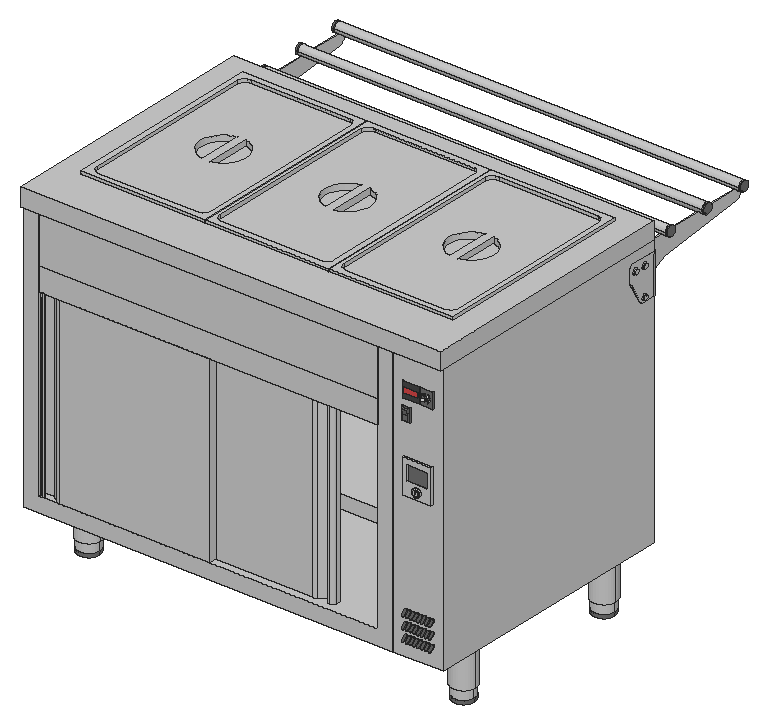
Revit family "QF_INOMAK_MDV711_250604105743", category Specialty Equipment, Revit 2021
Family settings
  Round Connector Dimension = Use Diameter
  Part Type = Normal
  OmniClass Number = 23.40.40.14
  OmniClass Title = Food Service Equipment
  Work Plane-Based = No
  Always vertical = Yes
  Cut with Voids When Loaded = No
  Shared = No
  Room Calculation Point = No
Parameters (values of type "MDV711")
  Weight [instance] = 49.00 kg
  Waste Water Discharge Temperature [instance] = 0 °C
  Waste Remarks [instance] = ""
  Warranty Start Date [instance] = ""
  Warranty Duration [instance] = ""
  Volts [instance] = 230 V
  Volt Free Conn [instance] = no
  URL Recommended Spares List [instance] = ""
  URL Manufacturer [instance] = ""
  URL Cutsheet [instance] = ""
  URL Critical Spares List [instance] = ""
  URL = "www.inomak.com"
  Technical Documentation [instance] = ""
  Tag Number [instance] = ""
  Status [instance] = ""
  Start Up Current [instance] = 0 A
  Specification by User [instance] = ""
  Specification by Manufacturer [instance] = ""
  Sound Level [instance] = ""
  Show Logo [instance] = yes
  Show Clearances [instance] = yes
  Service Life Duration [instance] = ""
  Serial Number [instance] = ""
  Seismic Rating [instance] = ""
  SMACNA No [instance] = ""
  Revision Code [instance] = ""
  Revision [instance] = ""
  Production Year [instance] = ""
  Potential Equalisation [instance] = no
  Point Load [instance] = 0
  Plumbing Remarks [instance] = ""
  Plumbing Connection Type [instance] = ""
  Phase [instance] = 1
  Other Equipment Approvals [instance] = ""
  Operational Current [instance] = 0 A
  Odor Trap Included [instance] = no
  Number of Poles [instance] = 2
  No Load Power Draw [instance] = no
  National Water Regulation Certification [instance] = no
  NAFEM Spec ID Number [instance] = ""
  Model Warning [instance] = ""
  Model = "MDV711"
  Min Ckt Ampacity [instance] = 0 A
  Max Overcurrent Protection [instance] = 10 A
  Masterspec [instance] = ""
  Manufacturer = "INOMAK"
  Main switch integrated [instance] = no
  Length Actual [instance] = 1102 mm
  Item Number [instance] = ""
  Installed By [instance] = ""
  Installation Date [instance] = ""
  Indirect Waste Size [instance] = 25.4 mm
  Indirect Waste Remarks [instance] = ""
  Indirect Waste Flow [instance] = 0.0 L/s
  Indirect Waste Connection Type [instance] = ""
  Indirect Waste Connection Height [instance] = 0 mm
  Identify Quantity as Lot [instance] = no
  ID [instance] = ""
  Hygiene Approval [instance] = ""
  Height Actual [instance] = 900 mm
  HP power [instance] = ""
  Furnished By [instance] = ""
  Foodservice Equipment Identifier [instance] = no
  FL Amps [instance] = 8.7 A
  Electrical Remarks [instance] = ""
  Electric power [instance] = 2000 W
  Electric Connection Type [instance] = ""
  Elec Conn RI Height [instance] = 0 mm
  Elec Conn Connection Height [instance] = 0 mm
  ETL Approved [instance] = no
  Direct Waste Water Discharge Temperature [instance] = -273.15 °C
  Direct Waste Size [instance] = 25.4 mm
  Direct Waste RI Height [instance] = 0 mm
  Direct Waste Flow [instance] = 0.0 L/s
  Direct Waste Connection Height [instance] = 0 mm
  Description = "BAIN MARIE ON CUPBOARD WITH 2 GN PANS CAPACITY"
  Depth Actual [instance] = 700 mm
  Default Elevation = 0 mm
  Cycle [instance] = 50 Hz
  Cost = 0
  Connection to energy optimisation system [instance] = yes
  Conn Plug [instance] = ""
  Conn Conduit [instance] = no
  Cold Water Temperature Recommended [instance] = 0 °C
  Cold Water Size [instance] = 12.7 mm
  Cold Water Remarks [instance] = ""
  Cold Water RI Height [instance] = 0 mm
  Cold Water Quality [instance] = ""
  Cold Water Minimum Pressure [instance] = 200000.0 Pa
  Cold Water Maximum Pressure [instance] = 600000.0 Pa
  Cold Water Flow [instance] = 0.0 L/s
  Cold Water Connection Type [instance] = ""
  Cold Water Connection Height [instance] = 0 mm
  Centralized building control system with digital interface [instance] = ""
  CSI MasterFormat [instance] = ""
  CE Approved [instance] = no
  Barcode [instance] = 0
  Author [instance] = ""
  Asset Identifier [instance] = ""
  Apparent Power [instance] = 2000 VA
  Accessory [instance] = no
Reference planes
  plane 1 "Center (Front/Back)": y = 0
  plane 2: z = 0
  plane 3 "Center (Left/Right)": x = 0
Forms (mm)
  Extrusion 1, solid, not visible
    sketch origin (110.005, -510.025, 146.007) x (1, 0, 0) y (0, 1, 0)
      loop
        line (-2, 2) -> (-2, -2) -> (2, -2) -> (2, 2) -> (-2, 2)
    from -2 to 2
  Extrusion 2, solid, not visible
    sketch origin (110.005, -510.025, 146.007) x (1, 0, 0) y (0, 1, 0)
      loop
        line (-2, 2) -> (-2, -2) -> (2, -2) -> (2, 2) -> (-2, 2)
    from -2 to 2
  Extrusion 3, solid, not visible
    sketch origin (1055.051, -635.031, 146.007) x (1, 0, 0) y (0, 1, 0)
      loop
        line (-2, 2) -> (-2, -2) -> (2, -2) -> (2, 2) -> (-2, 2)
    from -2 to 2
Dimensions and locks
  locked: nested 2 to Extrusion 1 at 2  (x2)
  locked: nested 3 to Extrusion 2 at 2  (x2)
  locked: nested 4 to Extrusion 3 at 2  (x2)
  aligned and locked: level to plane 2
Nested families
  nested 1: "QF_INOMAK_CUPBOARD_BAIN_MARIES_1105_2920" at (0, 0, 144), type "MDV711"
    with Weight 49.00 kg, Warranty Start Date "", Warranty Duration "", URL Cutsheet "", Technical Documentation "", Tag Number "", Status "", Specification by User "", Specification by Manufacturer "", Sound Level "", Solid Fuel Type "", Show Logo yes, Show Clearances yes, Service Life Duration "", Serial Number "", Seismic Rating "", SMACNA No "", Revision Code "", Revision "", Production Year "", Point Load 0, Other Equipment Approvals "", NAFEM Spec ID Number "", Model Warning "", Masterspec "", Length Actual 1102 mm, Item Number "", Installed By "", Installation Date "", Identify Quantity as Lot yes, ID "", Hygiene Approval "", Height Actual 900 mm, Furnished By "", Foodservice Equipment Identifier yes, ETL Approved yes, Depth Actual 700 mm, CSI MasterFormat "", CE Approved yes, Barcode "", Author "", Asset Identifier "", Accessory no
  nested 2: "CONN_POINT_COLDWATER_2D___Generic_Annotation" at (110.005, -510.025, 144.007), type "CONN_POINT_COLDWATER_2D___Generic_Annotation"
    with Onboard connection annotation symbol visibility yes
  nested 3: "CONN_POINT_DRAIN_2D___Generic_Annotation" at (110.005, -510.025, 144.007), type "CONN_POINT_DRAIN_2D___Generic_Annotation"
    with Onboard connection annotation symbol visibility yes
  nested 4: "CONN_POINT_ELE_2D___Generic_Annotation" at (1055.051, -635.031, 144.007), type "CONN_POINT_ELE_2D___Generic_Annotation"
    with Onboard connection annotation symbol visibility yes
  nested 5: "QF_INOMAK_LEGS_4995" at (0, 0, 0), type "LG-1105-700"
    with Weight 0.00 kg, Warranty Start Date "", Warranty Duration "", URL Cutsheet "", Technical Documentation "", Tag Number "", Status "", Specification by User "", Specification by Manufacturer "", Sound Level "", Solid Fuel Type "", Show Logo yes, Show Clearances yes, Service Life Duration "", Serial Number "", Seismic Rating "", SMACNA No "", Revision Code "", Revision "", Production Year "", Point Load 0, Other Equipment Approvals "", NAFEM Spec ID Number "", Model Warning "", Masterspec "", Length Actual 1103 mm, Item Number "", Installed By "", Installation Date "", Identify Quantity as Lot yes, ID "", Hygiene Approval "", Height Actual 144 mm, Furnished By "", Foodservice Equipment Identifier yes, ETL Approved yes, Depth Actual 700 mm, CSI MasterFormat "", CE Approved yes, Barcode "", Author "", Asset Identifier "", Accessory yes
  nested 6: "QF_INOMAK_CUPBOARD_RAILS_6744" at (0, 0, 144), type "RAS110"
    with Weight 0.00 kg, Warranty Start Date "", Warranty Duration "", URL Cutsheet "", Technical Documentation "", Tag Number "", Status "", Specification by User "", Specification by Manufacturer "", Sound Level "", Solid Fuel Type "", Show Logo yes, Show Clearances yes, Service Life Duration "", Serial Number "", Seismic Rating "", SMACNA No "", Revision Code "", Revision "", Production Year "", Point Load 0, Other Equipment Approvals "", NAFEM Spec ID Number "", Model Warning "", Masterspec "", Length Actual 1072 mm, Length 1102 mm, Item Number "", Installed By "", Installation Date "", Identify Quantity as Lot yes, ID "", Hygiene Approval "", Height Actual 175 mm, Furnished By "", Foodservice Equipment Identifier yes, ETL Approved yes, Depth Actual 335 mm, CSI MasterFormat "", CE Approved yes, Barcode "", Author "", Asset Identifier "", Accessory yes
Connectors
  piping at (110.005, -510.025, 144.007), diameter 12.7, driven by "Cold Water Size", driven by "Cold Water Flow"
    settings: on Extrusion 1, index 1, connector inside diameter 609.6 mm, connector length 0 mm, flow factor 0, pipe flow 0.0 L/s, pressure drop 0.0 Pa, fitting loss kfactor 0, connector angle 0.00°, fixture units 0, engagement length 0 mm, angle of deflection 0.00°, flow configuration 1, flow direction 1, fitting loss method 0, system type 20, joint type 0, gender type 0, connector reference index -1, connector utility 0, adjustable connector no, is connector primary yes, connector description "Cold Water connection for MDV711"
  piping at (110.005, -510.025, 144.007), diameter 25.4, driven by "Indirect Waste Size", driven by "Direct Waste Flow"
    settings: on Extrusion 2, index 2, connector inside diameter 609.6 mm, connector length 0 mm, flow factor 0, pipe flow 0.0 L/s, pressure drop 0.0 Pa, fitting loss kfactor 0, connector angle 0.00°, fixture units 0, engagement length 0 mm, angle of deflection 0.00°, flow configuration 1, flow direction 2, fitting loss method 0, system type 16, joint type 0, gender type 0, connector reference index -1, connector utility 0, adjustable connector no, is connector primary no, connector description "Waste connection for MDV711"
  electrical at (1055.051, -635.031, 144.007), driven by "Apparent Power", driven by "Number of Poles", driven by "Volts"
    settings: on Extrusion 3, index 3, voltage 230 V, apparent load 0 VA, apparent load phase1 2000 VA, apparent load phase2 0 VA, apparent load phase3 0 VA, power factor 1, load classification "Other", number of poles 2, system type 31, power factor state 1, is connector primary yes, connector utility no, sub classification motor no, connector description "Electrical connection for MDV711"
Definition of nested family "QF_INOMAK_CUPBOARD_BAIN_MARIES_1105_2920"
  Parameters (values of type "MFV711")
    Weight [instance] = 0.00 kg
    Warranty Start Date [instance] = ""
    Warranty Duration [instance] = ""
    URL Cutsheet [instance] = ""
    URL = "www.inomak.com"
    Technical Documentation [instance] = ""
    Tag Number [instance] = ""
    Status [instance] = ""
    Specification by User [instance] = ""
    Specification by Manufacturer [instance] = ""
    Sound Level [instance] = ""
    Solid Fuel Type [instance] = ""
    Show Logo [instance] = yes
    Show Clearances [instance] = yes
    Service Life Duration [instance] = ""
    Serial Number [instance] = ""
    Seismic Rating [instance] = ""
    SMACNA No [instance] = ""
    Revision Code [instance] = ""
    Revision [instance] = ""
    Production Year [instance] = ""
    Point Load [instance] = 0
    Other Equipment Approvals [instance] = ""
    NAFEM Spec ID Number [instance] = ""
    Model Warning [instance] = ""
    Model = "MFV711"
    Masterspec [instance] = ""
    Manufacturer = "INOMAK"
    Length Actual [instance] = 0 mm
    Item Number [instance] = ""
    Installed By [instance] = ""
    Installation Date [instance] = ""
    Identify Quantity as Lot [instance] = yes
    ID [instance] = ""
    Hygiene Approval [instance] = ""
    Height Actual [instance] = 0 mm
    Furnished By [instance] = ""
    Foodservice Equipment Identifier [instance] = yes
    ETL Approved [instance] = yes
    Description = "BAIN MARIE ON CUPBOARD WITH 2 GN PANS CAPACITY AND SHOWCASE"
    Depth Actual [instance] = 0 mm
    Default Elevation = 0 mm
    CSI MasterFormat [instance] = ""
    CE Approved [instance] = yes
    Barcode [instance] = ""
    Author [instance] = ""
    Asset Identifier [instance] = ""
    Assembly Code = "E1090320"
    Accessory [instance] = yes
  Types (10, lengths in mm): name | Model | Description
    MFV711 | "MFV711" | "BAIN MARIE ON CUPBOARD WITH 2 GN PANS CAPACITY AND SHOWCASE"
    MVV711 | "MVV711" | "BAIN MARIE ON CUPBOARD WITH 2 GN PANS CAPACITY AND SINGLE SNEEZE GUARD"
    MFSQ711 | "MFSQ711" | "BAIN MARIE ON CUPBOARD WITH 2 GN PANS CAPACITY AND SQUARE SHOWCASE"
    MHV711 | "MHV711" | "BAIN MARIE ON HEATED CUPBOARD WITH 2 GN PANS CAPACITY"
    MDV711 | "MDV711" | "BAIN MARIE ON CUPBOARD WITH 2 GN PANS CAPACITY"
    MRV711 | "MRV711" | "BAIN MARIE ON CUPBOARD WITH 2 GN PANS CAPACITY AND DOUBLE SNEEZE GUARD"
    MIV711 | "MIV711" | "BAIN MARIE ON HEATED CUPBOARD WITH 2 GN PANS CAPACITY AND SHOWCASE"
    MJV711 | "MJV711" | "BAIN MARIE ON HEATED CUPBOARD WITH 2 GN PANS CAPACITY AND SINGLE SNEEZE GUARD"
    MQV711 | "MQV711" | "BAIN MARIE ON HEATED CUPBOARD WITH 2 GN PANS CAPACITY AND DOUBLE SNEEZE GUARD"
    MISQ711 | "MISQ711" | "BAIN MARIE ON HEATED CUPBOARD WITH 2 GN PANS CAPACITY AND SQUARE SHOWCASE"
  Reference planes
    plane 1 "Back": y = 0
    plane 2: z = 0
    plane 3 "Left": x = 0
    plane 4 "Right": x = 1102
    plane 5 "Front": y = -700
    plane 6 "Top": z = 756
  Forms (mm)
    Extrusion 1, solid
      sketch origin (479.783, -707, -123.631) x (-1, 0, 0) y (0, 0, 1)
        loop
          arc (-522.253, 235.165) -> (-526.351, 236.263) -> (-527.449, 232.165) r 3
          line (-527.449, 232.165) -> (-518.449, 216.577)
          arc (-518.449, 216.577) -> (-514.351, 215.479) -> (-513.253, 219.577) r 3
          line (-513.253, 219.577) -> (-522.253, 235.165)
        loop
          arc (-532.253, 235.165) -> (-536.351, 236.263) -> (-537.449, 232.165) r 3
          line (-537.449, 232.165) -> (-528.449, 216.577)
          arc (-528.449, 216.577) -> (-524.351, 215.479) -> (-523.253, 219.577) r 3
          line (-523.253, 219.577) -> (-532.253, 235.165)
        loop
          arc (-542.253, 235.165) -> (-546.351, 236.263) -> (-547.449, 232.165) r 3
          line (-547.449, 232.165) -> (-538.449, 216.577)
          arc (-538.449, 216.577) -> (-534.351, 215.479) -> (-533.253, 219.577) r 3
          line (-533.253, 219.577) -> (-542.253, 235.165)
        loop
          arc (-552.253, 235.165) -> (-556.351, 236.263) -> (-557.449, 232.165) r 3
          line (-557.449, 232.165) -> (-548.449, 216.577)
          arc (-548.449, 216.577) -> (-544.351, 215.479) -> (-543.253, 219.577) r 3
          line (-543.253, 219.577) -> (-552.253, 235.165)
        loop
          arc (-562.253, 235.165) -> (-566.351, 236.263) -> (-567.449, 232.165) r 3
          line (-567.449, 232.165) -> (-558.449, 216.577)
          arc (-558.449, 216.577) -> (-554.351, 215.479) -> (-553.253, 219.577) r 3
          line (-553.253, 219.577) -> (-562.253, 235.165)
        loop
          arc (-572.253, 235.165) -> (-576.351, 236.263) -> (-577.449, 232.165) r 3
          line (-577.449, 232.165) -> (-568.449, 216.577)
          arc (-568.449, 216.577) -> (-564.351, 215.479) -> (-563.253, 219.577) r 3
          line (-563.253, 219.577) -> (-572.253, 235.165)
        loop
          arc (-582.253, 235.165) -> (-586.351, 236.263) -> (-587.449, 232.165) r 3
          line (-587.449, 232.165) -> (-578.449, 216.577)
          arc (-578.449, 216.577) -> (-574.351, 215.479) -> (-573.253, 219.577) r 3
          line (-573.253, 219.577) -> (-582.253, 235.165)
        loop
          arc (-592.253, 235.165) -> (-596.351, 236.263) -> (-597.449, 232.165) r 3
          line (-597.449, 232.165) -> (-588.449, 216.577)
          arc (-588.449, 216.577) -> (-584.351, 215.479) -> (-583.253, 219.577) r 3
          line (-583.253, 219.577) -> (-592.253, 235.165)
        loop
          arc (-522.253, 205.165) -> (-526.351, 206.263) -> (-527.449, 202.165) r 3
          line (-527.449, 202.165) -> (-518.449, 186.577)
          arc (-518.449, 186.577) -> (-514.351, 185.479) -> (-513.253, 189.577) r 3
          line (-513.253, 189.577) -> (-522.253, 205.165)
        loop
          arc (-532.253, 205.165) -> (-536.351, 206.263) -> (-537.449, 202.165) r 3
          line (-537.449, 202.165) -> (-528.449, 186.577)
          arc (-528.449, 186.577) -> (-524.351, 185.479) -> (-523.253, 189.577) r 3
          line (-523.253, 189.577) -> (-532.253, 205.165)
        loop
          arc (-542.253, 205.165) -> (-546.351, 206.263) -> (-547.449, 202.165) r 3
          line (-547.449, 202.165) -> (-538.449, 186.577)
          arc (-538.449, 186.577) -> (-534.351, 185.479) -> (-533.253, 189.577) r 3
          line (-533.253, 189.577) -> (-542.253, 205.165)
        loop
          arc (-552.253, 205.165) -> (-556.351, 206.263) -> (-557.449, 202.165) r 3
          line (-557.449, 202.165) -> (-548.449, 186.577)
          arc (-548.449, 186.577) -> (-544.351, 185.479) -> (-543.253, 189.577) r 3
          line (-543.253, 189.577) -> (-552.253, 205.165)
        loop
          arc (-562.253, 205.165) -> (-566.351, 206.263) -> (-567.449, 202.165) r 3
          line (-567.449, 202.165) -> (-558.449, 186.577)
          arc (-558.449, 186.577) -> (-554.351, 185.479) -> (-553.253, 189.577) r 3
          line (-553.253, 189.577) -> (-562.253, 205.165)
        loop
          arc (-572.253, 205.165) -> (-576.351, 206.263) -> (-577.449, 202.165) r 3
          line (-577.449, 202.165) -> (-568.449, 186.577)
          arc (-568.449, 186.577) -> (-564.351, 185.479) -> (-563.253, 189.577) r 3
          line (-563.253, 189.577) -> (-572.253, 205.165)
        loop
          arc (-582.253, 205.165) -> (-586.351, 206.263) -> (-587.449, 202.165) r 3
          line (-587.449, 202.165) -> (-578.449, 186.577)
          arc (-578.449, 186.577) -> (-574.351, 185.479) -> (-573.253, 189.577) r 3
          line (-573.253, 189.577) -> (-582.253, 205.165)
        loop
          arc (-592.253, 205.165) -> (-596.351, 206.263) -> (-597.449, 202.165) r 3
          line (-597.449, 202.165) -> (-588.449, 186.577)
          arc (-588.449, 186.577) -> (-584.351, 185.479) -> (-583.253, 189.577) r 3
          line (-583.253, 189.577) -> (-592.253, 205.165)
        loop
          arc (-522.253, 175.165) -> (-526.351, 176.263) -> (-527.449, 172.165) r 3
          line (-527.449, 172.165) -> (-518.449, 156.577)
          arc (-518.449, 156.577) -> (-514.351, 155.479) -> (-513.253, 159.577) r 3
          line (-513.253, 159.577) -> (-522.253, 175.165)
        loop
          arc (-532.253, 175.165) -> (-536.351, 176.263) -> (-537.449, 172.165) r 3
          line (-537.449, 172.165) -> (-528.449, 156.577)
          arc (-528.449, 156.577) -> (-524.351, 155.479) -> (-523.253, 159.577) r 3
          line (-523.253, 159.577) -> (-532.253, 175.165)
        loop
          arc (-542.253, 175.165) -> (-546.351, 176.263) -> (-547.449, 172.165) r 3
          line (-547.449, 172.165) -> (-538.449, 156.577)
          arc (-538.449, 156.577) -> (-534.351, 155.479) -> (-533.253, 159.577) r 3
          line (-533.253, 159.577) -> (-542.253, 175.165)
        loop
          arc (-552.253, 175.165) -> (-556.351, 176.263) -> (-557.449, 172.165) r 3
          line (-557.449, 172.165) -> (-548.449, 156.577)
          arc (-548.449, 156.577) -> (-544.351, 155.479) -> (-543.253, 159.577) r 3
          line (-543.253, 159.577) -> (-552.253, 175.165)
        loop
          arc (-562.253, 175.165) -> (-566.351, 176.263) -> (-567.449, 172.165) r 3
          line (-567.449, 172.165) -> (-558.449, 156.577)
          arc (-558.449, 156.577) -> (-554.351, 155.479) -> (-553.253, 159.577) r 3
          line (-553.253, 159.577) -> (-562.253, 175.165)
        loop
          arc (-572.253, 175.165) -> (-576.351, 176.263) -> (-577.449, 172.165) r 3
          line (-577.449, 172.165) -> (-568.449, 156.577)
          arc (-568.449, 156.577) -> (-564.351, 155.479) -> (-563.253, 159.577) r 3
          line (-563.253, 159.577) -> (-572.253, 175.165)
        loop
          arc (-582.253, 175.165) -> (-586.351, 176.263) -> (-587.449, 172.165) r 3
          line (-587.449, 172.165) -> (-578.449, 156.577)
          arc (-578.449, 156.577) -> (-574.351, 155.479) -> (-573.253, 159.577) r 3
          line (-573.253, 159.577) -> (-582.253, 175.165)
        loop
          arc (-592.253, 175.165) -> (-596.351, 176.263) -> (-597.449, 172.165) r 3
          line (-597.449, 172.165) -> (-588.449, 156.577)
          arc (-588.449, 156.577) -> (-584.351, 155.479) -> (-583.253, 159.577) r 3
          line (-583.253, 159.577) -> (-592.253, 175.165)
      from 16.5 to 18.5
    Extrusion 2, solid
      sketch origin (787.766, -692, 538.514) x (-1, 0, 0) y (0, 0, 1)
        loop
          line (-208.234, 108.408) -> (-253.234, 108.408) -> (-253.234, 68.408) -> (-208.234, 68.408) -> (-208.234, 108.408)
      from 0 to 2
    Extrusion 3, solid
      sketch origin (66, -693, 539.422) x (-1, 0, 0) y (0, 0, 1)
        loop
          line (-950, 15) -> (-930, 15) -> (-930, 50) -> (-950, 50) -> (-950, 15)
      from 0 to 3
    Extrusion 4, solid
      sketch origin (94, -568, 539.422) x (0, 1, 0) y (0, 0, 1)
        loop
          line (-125, 18) -> (-125, 47)
          arc (-125, 47) -> (-127.961, 46.812) -> (-130.754, 45.81) r 10.576
          line (-130.754, 45.81) -> (-128, 32.5) -> (-128, 18) -> (-125, 18)
      from 905 to 919
    Extrusion 5, solid
      sketch origin (832.766, -692, 538.514) x (-1, 0, 0) y (0, 0, 1)
        loop
          line (-208.234, 108.408) -> (-243.234, 108.408) -> (-243.234, 68.408) -> (-208.234, 68.408) -> (-208.234, 108.408)
      from 0 to 2
    Extrusion 6, solid
      sketch origin (787.766, -692.5, 538.514) x (-1, 0, 0) y (0, 0, 1)
        loop
          line (-213.234, 94.908) -> (-248.234, 94.908) -> (-248.234, 81.908) -> (-213.234, 81.908) -> (-213.234, 94.908)
      from 0 to 2.5
    Extrusion 7, solid
      sketch origin (787.766, -692.5, 538.514) x (-1, 0, 0) y (0, 0, 1)
        loop
          line (-271.558, 91.171) -> (-275.802, 98.522) -> (-280.047, 91.171) -> (-271.558, 91.171)
        loop
          line (-271.558, 85.645) -> (-280.047, 85.645) -> (-275.802, 78.294) -> (-271.558, 85.645)
        loop
          line (-257.397, 85.645) -> (-267.397, 85.645) -> (-267.397, 78.294) -> (-257.397, 78.294) -> (-257.397, 85.645)
        loop
          line (-265.397, 98.522) -> (-267.397, 98.522) -> (-267.397, 92.322) -> (-259.549, 92.322) -> (-259.549, 91.171) -> (-257.397, 93.322) -> (-259.549, 95.474) -> (-259.549, 94.322) -> (-265.397, 94.322) -> (-265.397, 98.522)
      from 0 to 2.5
    Extrusion 8, solid
      sketch origin (8.5, 0, 492) x (1, 0, 0) y (0, 1, 0)
        loop
          line (55, -50) -> (55, -580) -> (380, -580) -> (380, -50) -> (55, -50)
        loop
          arc (87.5, -65) -> (73.358, -70.858) -> (67.5, -85) r 20
          line (67.5, -85) -> (67.5, -545.415)
          arc (67.5, -545.415) -> (73.358, -559.557) -> (87.5, -565.415) r 20
          line (87.5, -565.415) -> (347.5, -565.415)
          arc (347.5, -565.415) -> (361.642, -559.557) -> (367.5, -545.415) r 20
          line (367.5, -545.415) -> (367.5, -85)
          arc (367.5, -85) -> (361.642, -70.858) -> (347.5, -65) r 20
          line (347.5, -65) -> (87.5, -65)
      from 218 to 270
    Extrusion 9, solid
      sketch origin (8.5, 0, 485) x (1, 0, 0) y (0, 1, 0)
        loop
          arc (67.5, -545.415) -> (73.358, -559.557) -> (87.5, -565.415) r 20
          line (87.5, -565.415) -> (347.5, -565.415)
          arc (347.5, -565.415) -> (361.642, -559.557) -> (367.5, -545.415) r 20
          line (367.5, -545.415) -> (367.5, -85)
          arc (367.5, -85) -> (361.642, -70.858) -> (347.5, -65) r 20
          line (347.5, -65) -> (87.5, -65)
          arc (87.5, -65) -> (73.358, -70.858) -> (67.5, -85) r 20
          line (67.5, -85) -> (67.5, -545.415)
      from 225 to 270
    Extrusion 10, void
      sketch origin (8.5, 0, 500) x (1, 0, 0) y (0, 1, 0)
        loop
          arc (207.5, -256.046) -> (157.5, -315.207) -> (207.5, -374.368) r 60
          line (207.5, -374.368) -> (207.5, -256.046)
        loop
          line (227.5, -256.046) -> (227.5, -374.368)
          arc (227.5, -374.368) -> (277.5, -315.207) -> (227.5, -256.046) r 60
      from 240 to 270
    Extrusion 11, solid
      sketch origin (333.5, 0, 492) x (1, 0, 0) y (0, 1, 0)
        loop
          line (55, -50) -> (55, -580) -> (380, -580) -> (380, -50) -> (55, -50)
        loop
          arc (87.5, -65) -> (73.358, -70.858) -> (67.5, -85) r 20
          line (67.5, -85) -> (67.5, -545.415)
          arc (67.5, -545.415) -> (73.358, -559.557) -> (87.5, -565.415) r 20
          line (87.5, -565.415) -> (347.5, -565.415)
          arc (347.5, -565.415) -> (361.642, -559.557) -> (367.5, -545.415) r 20
          line (367.5, -545.415) -> (367.5, -85)
          arc (367.5, -85) -> (361.642, -70.858) -> (347.5, -65) r 20
          line (347.5, -65) -> (87.5, -65)
      from 218 to 270
    Extrusion 12, solid
      sketch origin (333.5, 0, 485) x (1, 0, 0) y (0, 1, 0)
        loop
          arc (67.5, -545.415) -> (73.358, -559.557) -> (87.5, -565.415) r 20
          line (87.5, -565.415) -> (347.5, -565.415)
          arc (347.5, -565.415) -> (361.642, -559.557) -> (367.5, -545.415) r 20
          line (367.5, -545.415) -> (367.5, -85)
          arc (367.5, -85) -> (361.642, -70.858) -> (347.5, -65) r 20
          line (347.5, -65) -> (87.5, -65)
          arc (87.5, -65) -> (73.358, -70.858) -> (67.5, -85) r 20
          line (67.5, -85) -> (67.5, -545.415)
      from 225 to 270
    Extrusion 13, void
      sketch origin (333.5, 0, 500) x (1, 0, 0) y (0, 1, 0)
        loop
          arc (207.5, -256.046) -> (157.5, -315.207) -> (207.5, -374.368) r 60
          line (207.5, -374.368) -> (207.5, -256.046)
        loop
          line (227.5, -256.046) -> (227.5, -374.368)
          arc (227.5, -374.368) -> (277.5, -315.207) -> (227.5, -256.046) r 60
      from 240 to 270
    Extrusion 14, solid
      sketch origin (658.5, 0, 492) x (1, 0, 0) y (0, 1, 0)
        loop
          line (55, -50) -> (55, -580) -> (380, -580) -> (380, -50) -> (55, -50)
        loop
          arc (87.5, -65) -> (73.358, -70.858) -> (67.5, -85) r 20
          line (67.5, -85) -> (67.5, -545.415)
          arc (67.5, -545.415) -> (73.358, -559.557) -> (87.5, -565.415) r 20
          line (87.5, -565.415) -> (347.5, -565.415)
          arc (347.5, -565.415) -> (361.642, -559.557) -> (367.5, -545.415) r 20
          line (367.5, -545.415) -> (367.5, -85)
          arc (367.5, -85) -> (361.642, -70.858) -> (347.5, -65) r 20
          line (347.5, -65) -> (87.5, -65)
      from 218 to 270
    Extrusion 15, solid
      sketch origin (658.5, 0, 485) x (1, 0, 0) y (0, 1, 0)
        loop
          arc (67.5, -545.415) -> (73.358, -559.557) -> (87.5, -565.415) r 20
          line (87.5, -565.415) -> (347.5, -565.415)
          arc (347.5, -565.415) -> (361.642, -559.557) -> (367.5, -545.415) r 20
          line (367.5, -545.415) -> (367.5, -85)
          arc (367.5, -85) -> (361.642, -70.858) -> (347.5, -65) r 20
          line (347.5, -65) -> (87.5, -65)
          arc (87.5, -65) -> (73.358, -70.858) -> (67.5, -85) r 20
          line (67.5, -85) -> (67.5, -545.415)
      from 225 to 270
    Extrusion 16, void
      sketch origin (658.5, 0, 500) x (1, 0, 0) y (0, 1, 0)
        loop
          arc (207.5, -256.046) -> (157.5, -315.207) -> (207.5, -374.368) r 60
          line (207.5, -374.368) -> (207.5, -256.046)
        loop
          line (227.5, -256.046) -> (227.5, -374.368)
          arc (227.5, -374.368) -> (277.5, -315.207) -> (227.5, -256.046) r 60
      from 240 to 270
    Extrusion 17, solid
      sketch origin (0, 0, 710) x (1, 0, 0) y (0, 1, 0)
        loop
          line (0, 0) -> (0, -700) -> (1102, -700) -> (1102, 0) -> (0, 0)
        loop
          line (63.5, -50) -> (63.5, -580) -> (1038.5, -580) -> (1038.5, -50) -> (63.5, -50)
      from 0 to 46
    Extrusion 18, solid
      sketch origin (0, 0, 0) x (1, 0, 0) y (0, 1, 0)
        loop
          line (0, -690) -> (40, -690) -> (40, -40) -> (930, -40) -> (930, -690) -> (970, -690) -> (970, 0) -> (0, 0) -> (0, -690)
      from 0 to 710
    Extrusion 19, solid
      sketch origin (-1.5, 0, 0) x (1, 0, 0) y (0, 1, 0)
        loop
          line (971.5, 0) -> (971.5, -690) -> (1103.5, -690) -> (1103.5, 0) -> (971.5, 0)
      from 0 to 710
    Extrusion 20, solid
      sketch origin (-130, -690, 0) x (-1, 0, 0) y (0, 1, 0)
        loop
          line (-170, 10) -> (-170, 20) -> (-620, 20) -> (-620, 0) -> (-226.156, 0)
          arc (-226.156, 0) -> (-220.272, 0.885) -> (-214.91, 3.461) r 20
          line (-214.91, 3.461) -> (-195, 17) -> (-173, 17) -> (-173, 10)
          arc (-173, 10) -> (-175.05, 5.05) -> (-180, 3) r 7
          line (-180, 3) -> (-185.012, 3) -> (-185.012, 0) -> (-180, 0)
          arc (-180, 0) -> (-172.929, 2.929) -> (-170, 10) r 10
      from -40 to -520
    Extrusion 21, solid
      sketch origin (-131.5, -690, 0) x (-1, 0, 0) y (0, 1, 0)
        loop
          arc (-930, 30) -> (-927.071, 22.929) -> (-920, 20) r 10
          line (-920, 20) -> (-914.988, 20) -> (-914.988, 23) -> (-920, 23)
          arc (-920, 23) -> (-924.95, 25.05) -> (-927, 30) r 7
          line (-927, 30) -> (-927, 37) -> (-905, 37) -> (-885.09, 23.461)
          arc (-885.09, 23.461) -> (-879.728, 20.885) -> (-873.844, 20) r 20
          line (-873.844, 20) -> (-480, 20) -> (-480, 40) -> (-930, 40) -> (-930, 30)
      from -40 to -520
    Extrusion 22, solid
      sketch origin (0, 0, 0) x (1, 0, 0) y (0, 1, 0)
        loop
          line (40, -40) -> (40, -690) -> (930, -690) -> (930, -40) -> (40, -40)
      from 0 to 40
    Extrusion 23, solid
      sketch origin (0.5, 0, 672.314) x (1, 0, 0) y (0, 1, 0)
        loop
          line (39.5, -40) -> (39.5, -690) -> (929.5, -690) -> (929.5, -40) -> (39.5, -40)
      from -92.314 to 37.686
    Extrusion 24, solid
      sketch origin (0, 0, 610.314) x (1, 0, 0) y (0, 1, 0)
        loop
          line (40, -40) -> (40, -690) -> (930, -690) -> (930, -40) -> (40, -40)
      from -90.314 to -30.314
    Extrusion 25, solid
      sketch origin (-1.5, 0, 255) x (1, 0, 0) y (0, 1, 0)
        loop
          line (41.5, -40) -> (41.5, -645) -> (931.5, -645) -> (931.5, -40) -> (41.5, -40)
      from 0 to 35
    Extrusion 26, solid
      sketch origin (5.502, -695, 50) x (-1, 0, 0) y (0, 0, 1)
        loop
          line (-992.998, 421.076) -> (-1067.998, 421.076) -> (-1067.998, 331.076) -> (-992.998, 331.076) -> (-992.998, 421.076)
        loop
          line (-1003.957, 406.276) -> (-1058.957, 406.276) -> (-1058.957, 366.276) -> (-1003.957, 366.276) -> (-1003.957, 406.276)
      from 0 to 5
    Extrusion 27, solid
      sketch origin (5.502, -692, 50) x (-1, 0, 0) y (0, 0, 1)
        loop
          line (-1003.957, 406.276) -> (-1058.957, 406.276) -> (-1058.957, 366.276) -> (-1003.957, 366.276) -> (-1003.957, 406.276)
      from 0 to 2
    Revolve 28, solid
      sketch origin (1036, 59.612, -3292.415) x (0, 1, 0) y (0, 0, 1)
        loop
          line (-757.012, 3691.152) -> (-754.612, 3691.152) -> (-754.612, 3701.789) -> (-757.662, 3701.789) -> (-759.012, 3699.998) -> (-757.012, 3699.998) -> (-757.012, 3691.152)
        axis (-754.612, 3691.152) -> (-759.012, 3691.152)
      angle from 0 to 360
    Extrusion 29, solid
      sketch origin (-1055.627, -695, 2689.585) x (-1, 0, 0) y (0, 0, 1)
        loop
          line (-2090.827, -2287.348) -> (-2092.827, -2287.348) -> (-2092.827, -2294.348) -> (-2090.827, -2294.348) -> (-2090.827, -2287.348)
        loop
          circle (-2091.627, -2290.848) r 7.846
      from -4.4 to -2.4
  Cuts and joins
    Extrusion 10, Extrusion 13 cuts Extrusion 9
    Extrusion 13, Extrusion 16 cuts Extrusion 12
    Extrusion 16 cuts Extrusion 15
    joined: Extrusion 18, Extrusion 22
  Lines and regions (mm)
    symbolic lines
      curve 1: line (0, 0, 0) -> (1102, 0, 0)
      curve 2: line (0, -700, 0) -> (0, 0, 0)
      curve 3: line (1102, -700, 0) -> (0, -700, 0)
      curve 4: line (1102, 0, 0) -> (1102, -700, 0)
      curve 5: line (63.5, -50, 0) -> (1038.5, -50, 0)
      curve 6: line (63.5, -580, 0) -> (63.5, -50, 0)
      curve 7: line (1038.5, -580, 0) -> (63.5, -580, 0)
      curve 8: line (713.5, -50, 0) -> (713.5, -580, 0)
      curve 9: line (388.5, -50, 0) -> (388.5, -580, 0)
      curve 10: line (1038.5, -50, 0) -> (1038.5, -580, 0)
      curve 11: line (96, -65, 0) -> (356, -65, 0)
      curve 12: arc (76, -85, 0) -> (81.858, -70.858, 0) -> (96, -65, 0) r 20
      curve 13: line (76, -545.415, 0) -> (76, -85, 0)
      curve 14: arc (96, -565.415, 0) -> (81.858, -559.557, 0) -> (76, -545.415, 0) r 20
      curve 15: line (356, -565.415, 0) -> (96, -565.415, 0)
      curve 16: arc (376, -545.415, 0) -> (370.142, -559.557, 0) -> (356, -565.415, 0) r 20
      curve 17: line (376, -85, 0) -> (376, -545.415, 0)
      curve 18: arc (356, -65, 0) -> (370.142, -70.858, 0) -> (376, -85, 0) r 20
      curve 19: arc (216, -256.046, 0) -> (166, -315.207, 0) -> (216, -374.368, 0) r 60
      curve 20: line (216, -374.368, 0) -> (216, -256.046, 0)
      curve 21: line (236, -256.046, 0) -> (236, -374.368, 0)
      curve 22: arc (236, -374.368, 0) -> (286, -315.207, 0) -> (236, -256.046, 0) r 60
      curve 23: arc (401, -85, 0) -> (406.858, -70.858, 0) -> (421, -65, 0) r 20
      curve 24: line (421, -65, 0) -> (681, -65, 0)
      curve 25: arc (681, -65, 0) -> (695.142, -70.858, 0) -> (701, -85, 0) r 20
      curve 26: line (701, -85, 0) -> (701, -545.415, 0)
      curve 27: arc (701, -545.415, 0) -> (695.142, -559.557, 0) -> (681, -565.415, 0) r 20
      curve 28: line (681, -565.415, 0) -> (421, -565.415, 0)
      curve 29: arc (421, -565.415, 0) -> (406.858, -559.557, 0) -> (401, -545.415, 0) r 20
      curve 30: line (401, -545.415, 0) -> (401, -85, 0)
      curve 31: arc (541, -256.046, 0) -> (491, -315.207, 0) -> (541, -374.368, 0) r 60
      curve 32: line (541, -374.368, 0) -> (541, -256.046, 0)
      curve 33: line (561, -256.046, 0) -> (561, -374.368, 0)
      curve 34: arc (561, -374.368, 0) -> (611, -315.207, 0) -> (561, -256.046, 0) r 60
      curve 35: line (746, -65, 0) -> (1006, -65, 0)
      curve 36: arc (1006, -65, 0) -> (1020.142, -70.858, 0) -> (1026, -85, 0) r 20
      curve 37: line (1026, -85, 0) -> (1026, -545.415, 0)
      curve 38: arc (1026, -545.415, 0) -> (1020.142, -559.557, 0) -> (1006, -565.415, 0) r 20
      curve 39: line (1006, -565.415, 0) -> (746, -565.415, 0)
      curve 40: arc (746, -565.415, 0) -> (731.858, -559.557, 0) -> (726, -545.415, 0) r 20
      curve 41: line (726, -545.415, 0) -> (726, -85, 0)
      curve 42: arc (726, -85, 0) -> (731.858, -70.858, 0) -> (746, -65, 0) r 20
      curve 43: arc (866, -256.046, 0) -> (816, -315.207, 0) -> (866, -374.368, 0) r 60
      curve 44: line (866, -374.368, 0) -> (866, -256.046, 0)
      curve 45: line (886, -256.046, 0) -> (886, -374.368, 0)
      curve 46: arc (886, -374.368, 0) -> (936, -315.207, 0) -> (886, -256.046, 0) r 60
  Dimensions and locks
    plane 3 "Left" to plane 4 "Right" = 1102 mm
    plane 5 "Front" to plane 1 "Back" = 700 mm
    plane 6 "Top" to plane 2 = 756 mm
    aligned and locked: level to plane 2
Definition of nested family "QF_INOMAK_LEGS_4995"
  Parameters (values of type "LG-1545-700-BC")
    Weight [instance] = 0.00 kg
    Warranty Start Date [instance] = ""
    Warranty Duration [instance] = ""
    URL Cutsheet [instance] = ""
    URL = "www.inomak.com"
    Technical Documentation [instance] = ""
    Tag Number [instance] = ""
    Status [instance] = ""
    Specification by User [instance] = ""
    Specification by Manufacturer [instance] = ""
    Sound Level [instance] = ""
    Solid Fuel Type [instance] = ""
    Show Logo [instance] = yes
    Show Clearances [instance] = yes
    Service Life Duration [instance] = ""
    Serial Number [instance] = ""
    Seismic Rating [instance] = ""
    SMACNA No [instance] = ""
    Right offset = 300 mm
    Revision Code [instance] = ""
    Revision [instance] = ""
    Rear offset = 90 mm
    Production Year [instance] = ""
    Point Load [instance] = 0
    Other Equipment Approvals [instance] = ""
    NAFEM Spec ID Number [instance] = ""
    Model Warning [instance] = ""
    Model = "LG"
    Masterspec [instance] = ""
    Manufacturer = "INOMAK"
    Length Actual [instance] = 0 mm
    Length = 1546 mm
    Left offset = 100 mm
    Item Number [instance] = ""
    Installed By [instance] = ""
    Installation Date [instance] = ""
    Identify Quantity as Lot [instance] = yes
    ID [instance] = ""
    Hygiene Approval [instance] = ""
    Height Actual [instance] = 0 mm
    Height = 115 mm
    Furnished By [instance] = ""
    Front offset = 150 mm
    Foodservice Equipment Identifier [instance] = yes
    ETL Approved [instance] = yes
    Description = "STANDARD LEGS"
    Depth Actual [instance] = 0 mm
    Depth = 700 mm
    Default Elevation = 0 mm
    CentralLegs = if(Length > 1900 mm, 2 > 1, 2 < 1)  # no
    CSI MasterFormat [instance] = ""
    CE Approved [instance] = yes
    Barcode [instance] = ""
    Author [instance] = ""
    Asset Identifier [instance] = ""
    Assembly Code = "E1090320"
    Accessory [instance] = yes
  Types (14, lengths in mm): name | Right offset | Rear offset | Length | Left offset | Height | Front offset | Depth | CentralLegs
    LG-720-830 | 100 | 60 | 720 | 100 | 115 | 160 | 830 | no
    LG-1440-830 | 100 | 60 | 1440 | 100 | 115 | 160 | 830 | no
    LG-720-730 | 100 | 60 | 720 | 100 | 115 | 160 | 730 | no
    LG-1440-730 | 100 | 60 | 1440 | 100 | 115 | 160 | 730 | no
    LG-1105-700 | 60 | 90 | 1103 | 60 | 144 | 150 | 700 | no
    LG-1545-700 | 300 | 90 | 1546 | 100 | 144 | 150 | 700 | no
    LG-1995-700 | 300 | 90 | 1996 | 100 | 144 | 150 | 700 | yes
    LG-1545-700-BC | 300 | 90 | 1546 | 100 | 115 | 150 | 700 | no
    LG-1995-700-BC | 300 | 90 | 1996 | 100 | 115 | 150 | 700 | yes
    LG-1410-700 | 60 | 90 | 1406 | 60 | 144 | 150 | 700 | no
    LG-1795-700 | 60 | 90 | 1792 | 60 | 144 | 150 | 700 | no
    LG-1105-600 | 60 | 90 | 1103 | 60 | 144 | 150 | 600 | no
    LG-1545-600 | 300 | 90 | 1546 | 100 | 144 | 150 | 600 | no
    LG-1995-600 | 300 | 90 | 1996 | 100 | 144 | 150 | 600 | yes
  Reference planes
    plane 1 "Back": y = 0
    plane 2: z = 0
    plane 3 "Left": x = 0
    plane 4 "Right": x = 1546
    plane 5 "Front": y = -700
    plane 6 "Top": z = 115
    plane 7 "Left offset": x = 100
    plane 8 "Right offset": x = 1246
    plane 9 "Rear offset": y = -90
    plane 10 "Front offset": y = -550
    plane 11: x = 673
  Dimensions and locks
    "Length": plane 3 "Left" to plane 4 "Right"
    "Depth": plane 5 "Front" to plane 1 "Back"
    "Left offset": plane 3 "Left" to plane 7 "Left offset"
    "Right offset": plane 8 "Right offset" to plane 4 "Right"
    "Rear offset": plane 9 "Rear offset" to plane 1 "Back"
    "Front offset": plane 10 "Front offset" to plane 5 "Front"
    "Height": plane 6 "Top" to level
    equal spacing: plane 7 "Left offset", plane 11, plane 8 "Right offset"
    aligned and locked: level to plane 2
    aligned and locked: nested 2 to plane 8 "Right offset"
    aligned and locked: nested 3 to plane 8 "Right offset"
    aligned and locked: nested 4 to plane 7 "Left offset"
    aligned and locked: nested 4 to plane 10 "Front offset"
    aligned and locked: nested 3 to plane 10 "Front offset"
    aligned and locked: nested 1 to plane 7 "Left offset"
    aligned and locked: nested 1 to plane 9 "Rear offset"
    aligned and locked: nested 2 to plane 9 "Rear offset"
    aligned and locked: nested 5 to plane 11
    aligned and locked: nested 5 to plane 10 "Front offset"
  Nested families
    nested 1: "QF_INOMAK_LEG" at (100, -90, 0), type "QF_INOMAK_LEG"
      with Height 115 mm
    nested 2: "QF_INOMAK_LEG" at (1246, -90, 0), type "QF_INOMAK_LEG"
      with Height 115 mm
    nested 3: "QF_INOMAK_LEG" at (1246, -550, 0), type "QF_INOMAK_LEG"
      with Height 115 mm
    nested 4: "QF_INOMAK_LEG" at (100, -550, 0), type "QF_INOMAK_LEG"
      with Height 115 mm
    nested 5: "QF_INOMAK_LEG" at (673, -550, 0), visible <- "CentralLegs", type "QF_INOMAK_LEG"
      with Height 115 mm
  Definition of nested family "QF_INOMAK_LEG"
    Parameters (values of type "QF_INOMAK_LEG")
      Height = 118 mm
      Default Elevation = 0 mm
    Reference planes
      plane 1 "Center (Front/Back)": y = 0
      plane 2: z = 0
      plane 3 "Center (Left/Right)": x = 0
      plane 4 "Top": z = 118
    Forms (mm)
      Extrusion 1, solid
        sketch origin (0, 0, 118) x (0, 1, 0) y (-1, 0, 0)
          loop
            line (50, 45) -> (-50, 45) -> (-50, -45) -> (50, -45) -> (50, 45)
        from 0 to -3
      Extrusion 2, solid
        sketch origin (-199.986, 580, 0) x (1, 0, 0) y (0, 1, 0)
          loop
            circle (199.986, -580) r 28
        from 9 to 35
      Extrusion 3, solid
        sketch origin (-199.986, 580, 0) x (1, 0, 0) y (0, 1, 0)
          loop
            circle (199.986, -580) r 28.5
        from 0 to 9
      Sweep 4, solid
        path origin (0, 0, 0) x (0, 1, 0) y (0, 0, 1)
          loop
            line (0, 115) -> (0, 35)
        profile origin (0, 0, 75) x (1, 0, 0) y (0, 1, 0)
          loop
            circle (0, 0) r 32
    Dimensions and locks
      "Height": plane 4 "Top" to plane 2
      aligned and locked: level to plane 2
    Automatic sketch dimensions
      plane 1 "Center (Front/Back)" to Extrusion 1 sketch curve = 50 mm
      Extrusion 1 sketch curve to plane 1 "Center (Front/Back)" = 50 mm
      plane 3 "Center (Left/Right)" to Extrusion 1 sketch curve = 45 mm
      Extrusion 1 sketch curve to plane 3 "Center (Left/Right)" = 45 mm
      plane 1 "Center (Front/Back)" to Extrusion 2 sketch curve = 0 mm
      Extrusion 2 sketch curve to plane 3 "Center (Left/Right)" = 0 mm
      plane 1 "Center (Front/Back)" to Extrusion 3 sketch curve = 0 mm
      Extrusion 3 sketch curve to plane 3 "Center (Left/Right)" = 0 mm
      Sweep 4 sketch curve to plane 1 "Center (Front/Back)" = 0 mm
      level to Sweep 4 sketch curve = 35 mm
      Sweep 4 sketch curve to plane 4 "Top" = 3 mm
      Sweep 4 sketch curve to plane 3 "Center (Left/Right)" = 0 mm
      profile plane to Sweep 4 sketch curve = 0 mm
      radius of Extrusion 2 sketch curve = 28 mm
      radius of Extrusion 3 sketch curve = 28.5 mm
      radius of Sweep 4 sketch curve = 32 mm
Definition of nested family "QF_INOMAK_CUPBOARD_RAILS_6744"
  Parameters (values of type "RAS108")
    Weight [instance] = 0.00 kg
    Warranty Start Date [instance] = ""
    Warranty Duration [instance] = ""
    URL Cutsheet [instance] = ""
    URL = "www.inomak.com"
    Technical Documentation [instance] = ""
    Tag Number [instance] = ""
    Status [instance] = ""
    Specification by User [instance] = ""
    Specification by Manufacturer [instance] = ""
    Sound Level [instance] = ""
    Solid Fuel Type [instance] = ""
    Show Logo [instance] = yes
    Show Clearances [instance] = yes
    Service Life Duration [instance] = ""
    Serial Number [instance] = ""
    Seismic Rating [instance] = ""
    SMACNA No [instance] = ""
    Revision Code [instance] = ""
    Revision [instance] = ""
    Production Year [instance] = ""
    Point Load [instance] = 0
    Other Equipment Approvals [instance] = ""
    NAFEM Spec ID Number [instance] = ""
    Model Warning [instance] = ""
    Model = "RAS108"
    Masterspec [instance] = ""
    Manufacturer = "INOMAK"
    Length Actual [instance] = 0 mm
    Length [instance] = 1080 mm
    Item Number [instance] = ""
    Installed By [instance] = ""
    Installation Date [instance] = ""
    Identify Quantity as Lot [instance] = yes
    ID [instance] = ""
    Hygiene Approval [instance] = ""
    Height Actual [instance] = 0 mm
    Furnished By [instance] = ""
    Foodservice Equipment Identifier [instance] = yes
    ETL Approved [instance] = yes
    Description = "RAILS BOLETUS SERIES"
    Depth Actual [instance] = 0 mm
    Default Elevation = 0 mm
    CSI MasterFormat [instance] = ""
    CE Approved [instance] = yes
    Barcode [instance] = ""
    Author [instance] = ""
    Asset Identifier [instance] = ""
    Assembly Code = "E1090320"
    Accessory [instance] = yes
  Types (6, lengths in mm): name | Model | Length | Description
    RAS140 | "RAS140" | 1406 | "RAILS FOR BAIN MARIES WITH 4XGN 1/1"
    RAS110 | "RAS110" | 1102 | "RAILS FOR BAIN MARIES WITH 3XGN 1/1"
    RAS178 | "RAS178" | 1792 | "RAILS FOR BAIN MARIES WITH 5XGN 1/1"
    RAS108 | "RAS108" | 1080 | "RAILS BOLETUS SERIES"
    RAS179 | "RAS179" | 1792 | "RAILS FOR COUNTERS WITH LENGTH 179CM"
    RAS134 | "RAS134" | 1342 | "RAILS FOR COUNTERS WITH LENGTH 134CM"
  Reference planes
    plane 1 "Back": y = 0
    plane 2: z = 0
    plane 3 "Left": x = 0
    plane 4 "Right": x = 1080
    plane 5 "Front": y = 328.5
    plane 6 "Top": z = 756
  Forms (mm)
    Sweep 1, solid
      path origin (0, 0, 0) x (1, 0, 0) y (0, 1, 0)
        loop
          line (20, 76) -> (1060, 76)
      profile origin (540, 76, 0) x (0, 1, 0) y (0, 0, 1)
        loop
          circle (0, 693) r 12.5
    Extrusion 2, solid
      sketch origin (0, 0, 0) x (0, 1, 0) y (0, 0, 1)
        loop
          circle (76, 693) r 12.5
      from 15 to 20
    Extrusion 3, solid
      sketch origin (1080, -50, 0) x (0, -1, 0) y (0, 0, 1)
        loop
          circle (-126, 693) r 12.5
      from 15 to 20
    Sweep 4, solid
      path origin (0, 120, 0) x (1, 0, 0) y (0, 1, 0)
        loop
          line (20, 76) -> (1060, 76)
      profile origin (540, 196, 0) x (0, 1, 0) y (0, 0, 1)
        loop
          circle (0, 693) r 12.5
    Extrusion 5, solid
      sketch origin (0, 120, 0) x (0, 1, 0) y (0, 0, 1)
        loop
          circle (76, 693) r 12.5
      from 15 to 20
    Extrusion 6, solid
      sketch origin (1080, 70, 0) x (0, -1, 0) y (0, 0, 1)
        loop
          circle (-126, 693) r 12.5
      from 15 to 20
    Sweep 7, solid
      path origin (0, 240, 0) x (1, 0, 0) y (0, 1, 0)
        loop
          line (20, 76) -> (1060, 76)
      profile origin (540, 316, 0) x (0, 1, 0) y (0, 0, 1)
        loop
          circle (0, 693) r 12.5
    Extrusion 8, solid
      sketch origin (0, 240, 0) x (0, 1, 0) y (0, 0, 1)
        loop
          circle (76, 693) r 12.5
      from 15 to 20
    Extrusion 9, solid
      sketch origin (1080, 190, 0) x (0, -1, 0) y (0, 0, 1)
        loop
          circle (-126, 693) r 12.5
      from 15 to 20
    Extrusion 10, solid
      sketch origin (0, 0, 0) x (0, 1, 0) y (0, 0, 1)
        loop
          line (305.644, 686) -> (206.356, 686)
          arc (206.356, 686) -> (196, 680.5) -> (185.644, 686) r 12.5
          line (185.644, 686) -> (86.356, 686)
          arc (86.356, 686) -> (76, 680.5) -> (65.644, 686) r 12.5
          line (65.644, 686) -> (6, 686) -> (6, 582)
          arc (6, 582) -> (48.49, 618.653) -> (101.95, 635.708) r 140.202
          line (101.95, 635.708) -> (306.107, 657.705)
          arc (306.107, 657.705) -> (315.66, 662.597) -> (319.5, 672.619) r 15
          line (319.5, 672.619) -> (319.5, 681)
          arc (319.5, 681) -> (311.757, 681.242) -> (305.644, 686) r 12.5
      from 30 to 33
    Extrusion 11, solid
      sketch origin (-14.743, 6.2, 756) x (0, 1, 0) y (-1, 0, 0)
        loop
          line (-3.2, -41.743) -> (-3.2, -17.743)
          arc (-3.2, -17.743) -> (-4.957, -13.501) -> (-9.2, -11.743) r 6
          line (-9.2, -11.743) -> (-9.2, -14.743)
          arc (-9.2, -14.743) -> (-7.079, -15.622) -> (-6.2, -17.743) r 3
          line (-6.2, -17.743) -> (-6.2, -41.743)
          arc (-6.2, -41.743) -> (-4.443, -45.986) -> (-0.2, -47.743) r 6
          line (-0.2, -47.743) -> (-0.2, -44.743)
          arc (-0.2, -44.743) -> (-2.321, -43.865) -> (-3.2, -41.743) r 3
      from -174 to -70
    Extrusion 12, solid
      sketch origin (0, 0, 0) x (0, 1, 0) y (0, 0, 1)
        loop
          arc (-71.2, 686) -> (-78.271, 683.071) -> (-81.2, 676) r 10
          line (-81.2, 676) -> (-81.2, 645.301)
          arc (-81.2, 645.301) -> (-80.859, 642.713) -> (-79.86, 640.301) r 10
          line (-79.86, 640.301) -> (-49.087, 587)
          arc (-49.087, 587) -> (-45.426, 583.34) -> (-40.426, 582) r 10
          line (-40.426, 582) -> (-3, 582) -> (-3, 686) -> (-71.2, 686)
      from 0 to -3
    Extrusion 13, solid
      sketch origin (0, 0, 0) x (0, 1, 0) y (0, 0, 1)
        loop
          circle (-36.2, 668) r 7
      from -2 to -4
    Extrusion 14, solid
      sketch origin (0, 0, 0) x (0, 1, 0) y (0, 0, 1)
        loop
          line (-36.2, 674) -> (-41.396, 671) -> (-41.396, 665) -> (-36.2, 662) -> (-31.004, 665) -> (-31.004, 671) -> (-36.2, 674)
      from -9 to -4
    Extrusion 15, solid
      sketch origin (0, -30, 0) x (0, 1, 0) y (0, 0, 1)
        loop
          circle (-36.2, 668) r 7
      from -2 to -4
    Extrusion 16, solid
      sketch origin (0, -30, 0) x (0, 1, 0) y (0, 0, 1)
        loop
          line (-36.2, 674) -> (-41.396, 671) -> (-41.396, 665) -> (-36.2, 662) -> (-31.004, 665) -> (-31.004, 671) -> (-36.2, 674)
      from -9 to -4
    Extrusion 17, solid
      sketch origin (0, 0, -74) x (0, 1, 0) y (0, 0, 1)
        loop
          circle (-36.2, 668) r 7
      from -2 to -4
    Extrusion 18, solid
      sketch origin (0, 0, -74) x (0, 1, 0) y (0, 0, 1)
        loop
          line (-36.2, 674) -> (-41.396, 671) -> (-41.396, 665) -> (-36.2, 662) -> (-31.004, 665) -> (-31.004, 671) -> (-36.2, 674)
      from -9 to -4
    Extrusion 19, solid
      sketch origin (1080, 0, 0) x (0, -1, 0) y (0, 0, 1)
        loop
          arc (-305.644, 686) -> (-311.757, 681.242) -> (-319.5, 681) r 12.5
          line (-319.5, 681) -> (-319.5, 672.619)
          arc (-319.5, 672.619) -> (-315.66, 662.597) -> (-306.107, 657.705) r 15
          line (-306.107, 657.705) -> (-101.95, 635.708)
          arc (-101.95, 635.708) -> (-48.49, 618.653) -> (-6, 582) r 140.202
          line (-6, 582) -> (-6, 686) -> (-65.644, 686)
          arc (-65.644, 686) -> (-76, 680.5) -> (-86.356, 686) r 12.5
          line (-86.356, 686) -> (-185.644, 686)
          arc (-185.644, 686) -> (-196, 680.5) -> (-206.356, 686) r 12.5
          line (-206.356, 686) -> (-305.644, 686)
      from 30 to 33
    Extrusion 20, solid
      sketch origin (1420.743, 6.2, 756) x (0, 1, 0) y (-1, 0, 0)
        loop
          arc (-3.2, 367.743) -> (-2.321, 369.865) -> (-0.2, 370.743) r 3
          line (-0.2, 370.743) -> (-0.2, 373.743)
          arc (-0.2, 373.743) -> (-4.443, 371.986) -> (-6.2, 367.743) r 6
          line (-6.2, 367.743) -> (-6.2, 343.743)
          arc (-6.2, 343.743) -> (-7.079, 341.622) -> (-9.2, 340.743) r 3
          line (-9.2, 340.743) -> (-9.2, 337.743)
          arc (-9.2, 337.743) -> (-4.957, 339.501) -> (-3.2, 343.743) r 6
          line (-3.2, 343.743) -> (-3.2, 367.743)
      from -174 to -70
    Extrusion 21, solid
      sketch origin (1080, 0, 0) x (0, -1, 0) y (0, 0, 1)
        loop
          line (71.2, 686) -> (3, 686) -> (3, 582) -> (40.426, 582)
          arc (40.426, 582) -> (45.426, 583.34) -> (49.087, 587) r 10
          line (49.087, 587) -> (79.86, 640.301)
          arc (79.86, 640.301) -> (80.859, 642.713) -> (81.2, 645.301) r 10
          line (81.2, 645.301) -> (81.2, 676)
          arc (81.2, 676) -> (78.271, 683.071) -> (71.2, 686) r 10
      from 0 to -3
    Extrusion 22, solid
      sketch origin (1080, 0, 0) x (0, -1, 0) y (0, 0, 1)
        loop
          circle (36.2, 668) r 7
      from -2 to -4
    Extrusion 23, solid
      sketch origin (1080, 0, 0) x (0, -1, 0) y (0, 0, 1)
        loop
          line (36.2, 674) -> (31.004, 671) -> (31.004, 665) -> (36.2, 662) -> (41.396, 665) -> (41.396, 671) -> (36.2, 674)
      from -9 to -4
    Extrusion 24, solid
      sketch origin (1080, 0, 0) x (0, -1, 0) y (0, 0, 1)
        loop
          circle (66.2, 668) r 7
      from -2 to -4
    Extrusion 25, solid
      sketch origin (1080, 0, 0) x (0, -1, 0) y (0, 0, 1)
        loop
          line (66.2, 674) -> (61.004, 671) -> (61.004, 665) -> (66.2, 662) -> (71.396, 665) -> (71.396, 671) -> (66.2, 674)
      from -9 to -4
    Extrusion 26, solid
      sketch origin (1080, 0, 0) x (0, -1, 0) y (0, 0, 1)
        loop
          circle (36.2, 594) r 7
      from -2 to -4
    Extrusion 27, solid
      sketch origin (1080, 0, 0) x (0, -1, 0) y (0, 0, 1)
        loop
          line (36.2, 600) -> (31.004, 597) -> (31.004, 591) -> (36.2, 588) -> (41.396, 591) -> (41.396, 597) -> (36.2, 600)
      from -9 to -4
  Lines and regions (mm)
    symbolic lines
      curve 1: line (15, 88.5, 756) -> (1065, 88.5, 756)
      curve 2: line (15, 63.5, 756) -> (15, 88.5, 756)
      curve 3: line (1065, 63.5, 756) -> (15, 63.5, 756)
      curve 4: line (1065, 88.5, 756) -> (1065, 63.5, 756)
      curve 5: line (15, 208.5, 756) -> (1065, 208.5, 756)
      curve 6: line (15, 183.5, 756) -> (15, 208.5, 756)
      curve 7: line (1065, 183.5, 756) -> (15, 183.5, 756)
      curve 8: line (1065, 208.5, 756) -> (1065, 183.5, 756)
      curve 9: line (15, 328.5, 756) -> (1065, 328.5, 756)
      curve 10: line (15, 303.5, 756) -> (15, 328.5, 756)
      curve 11: line (1065, 303.5, 756) -> (15, 303.5, 756)
      curve 12: line (1065, 328.5, 756) -> (1065, 303.5, 756)
      curve 13: line (30, 303.5, 756) -> (30, 208.5, 756)
      curve 14: line (33, 303.5, 756) -> (33, 208.5, 756)
      curve 15: line (30, 183.5, 756) -> (30, 88.5, 756)
      curve 16: line (33, 183.5, 756) -> (33, 88.5, 756)
      curve 17: line (30, 63.5, 756) -> (30, 0, 756)
      curve 18: line (33, 63.5, 756) -> (33, 0, 756)
      curve 19: line (1050, 303.5, 756) -> (1050, 208.5, 756)
      curve 20: line (1047, 303.5, 756) -> (1047, 208.5, 756)
      curve 21: line (1050, 183.5, 756) -> (1050, 88.5, 756)
      curve 22: line (1047, 183.5, 756) -> (1047, 88.5, 756)
      curve 23: line (1050, 63.5, 756) -> (1050, 0, 756)
      curve 24: line (1047, 63.5, 756) -> (1047, 0, 756)
      curve 25: line (1060, 88.5, 756) -> (1060, 63.5, 756)
      curve 26: line (1060, 208.5, 756) -> (1060, 183.5, 756)
      curve 27: line (1060, 328.5, 756) -> (1060, 303.5, 756)
      curve 28: line (20, 328.5, 756) -> (20, 303.5, 756)
      curve 29: line (20, 208.5, 756) -> (20, 183.5, 756)
      curve 30: line (20, 88.5, 756) -> (20, 63.5, 756)
  Dimensions and locks
    "Length": plane 3 "Left" to plane 4 "Right"
    plane 1 "Back" to plane 5 "Front" = 328.5 mm
    plane 6 "Top" to plane 2 = 756 mm
    aligned and locked: level to plane 2
  Automatic sketch dimensions
    plane 3 "Left" to Sweep 1 sketch curve = 20 mm
    plane 4 "Right" to Sweep 1 sketch curve = 20 mm
    Sweep 1 sketch curve to plane 1 "Back" = 76 mm
    Sweep 1 sketch curve to profile plane = 0 mm
    level to Sweep 1 sketch curve = 693 mm
    Extrusion 2 sketch curve to plane 1 "Back" = 76 mm
    Extrusion 2 sketch curve to plane 6 "Top" = 63 mm
    Extrusion 3 sketch curve to plane 1 "Back" = 76 mm
    Extrusion 3 sketch curve to plane 6 "Top" = 63 mm
    plane 3 "Left" to Sweep 4 sketch curve = 20 mm
    plane 4 "Right" to Sweep 4 sketch curve = 20 mm
    Sweep 4 sketch curve to plane 1 "Back" = 196 mm
    Sweep 4 sketch curve to profile plane = 0 mm
    level to Sweep 4 sketch curve = 693 mm
    Extrusion 5 sketch curve to plane 6 "Top" = 63 mm
    Extrusion 5 sketch curve to plane 1 "Back" = 196 mm
    Extrusion 6 sketch curve to plane 6 "Top" = 63 mm
    Extrusion 6 sketch curve to plane 1 "Back" = 196 mm
    plane 3 "Left" to Sweep 7 sketch curve = 20 mm
    plane 4 "Right" to Sweep 7 sketch curve = 20 mm
    Sweep 7 sketch curve to plane 1 "Back" = 316 mm
    Sweep 7 sketch curve to profile plane = 0 mm
    level to Sweep 7 sketch curve = 693 mm
    Extrusion 8 sketch curve to plane 6 "Top" = 63 mm
    Extrusion 8 sketch curve to plane 1 "Back" = 316 mm
    Extrusion 9 sketch curve to plane 6 "Top" = 63 mm
    Extrusion 9 sketch curve to plane 1 "Back" = 316 mm
    Extrusion 10 sketch curve to plane 1 "Back" = 6 mm
    Extrusion 10 sketch curve to Extrusion 10 sketch curve = 59.644 mm
    Extrusion 10 sketch curve to Extrusion 10 sketch curve = 10.356 mm  (x5)
    Extrusion 10 sketch curve to Extrusion 10 sketch curve = 15.594 mm
    Extrusion 10 sketch curve to plane 1 "Back" = 116.97 mm
    Extrusion 10 sketch curve to Extrusion 10 sketch curve = 83.694 mm
    Extrusion 10 sketch curve to Extrusion 10 sketch curve = 98.144 mm
    Extrusion 10 sketch curve to Extrusion 10 sketch curve = 1.144 mm
    Extrusion 10 sketch curve to plane 6 "Top" = 98.295 mm
    Extrusion 10 sketch curve to Extrusion 10 sketch curve = 1.607 mm
    Extrusion 10 sketch curve to Extrusion 10 sketch curve = 15 mm
    Extrusion 10 sketch curve to plane 6 "Top" = 120.292 mm
    Extrusion 10 sketch curve to Extrusion 10 sketch curve = 53.708 mm
    Extrusion 10 sketch curve to Extrusion 10 sketch curve = 8.381 mm
    Extrusion 10 sketch curve to plane 6 "Top" = 70 mm
    Extrusion 10 sketch curve to Extrusion 10 sketch curve = 7 mm  (x2)
    Extrusion 11 sketch curve to Extrusion 11 sketch curve = 0 mm  (x4)
    Extrusion 11 sketch curve to plane 3 "Left" = 0 mm
    plane 1 "Back" to Extrusion 11 sketch curve = 0 mm
    plane 1 "Back" to Extrusion 11 sketch curve = 3 mm
    Extrusion 11 sketch curve to Extrusion 11 sketch curve = 3 mm  (x2)
    Extrusion 11 sketch curve to Extrusion 11 sketch curve = 24 mm
    plane 1 "Back" to Extrusion 12 sketch curve = 81.2 mm
    Extrusion 12 sketch curve to Extrusion 12 sketch curve = 1.34 mm
    Extrusion 12 sketch curve to Extrusion 12 sketch curve = 10 mm
    Extrusion 12 sketch curve to Extrusion 12 sketch curve = 8.66 mm  (x2)
    plane 1 "Back" to Extrusion 12 sketch curve = 49.087 mm
    plane 1 "Back" to Extrusion 12 sketch curve = 3 mm
    Extrusion 12 sketch curve to plane 6 "Top" = 174 mm
    Extrusion 12 sketch curve to Extrusion 12 sketch curve = 5 mm
    Extrusion 12 sketch curve to Extrusion 12 sketch curve = 53.301 mm
    Extrusion 12 sketch curve to Extrusion 12 sketch curve = 30.699 mm
    plane 1 "Back" to Extrusion 13 sketch curve = 36.2 mm
    Extrusion 13 sketch curve to plane 6 "Top" = 88 mm
    plane 1 "Back" to Extrusion 14 sketch curve = 41.396 mm
    Extrusion 14 sketch curve to Extrusion 14 sketch curve = 5.196 mm  (x3)
    Extrusion 14 sketch curve to plane 6 "Top" = 94 mm
    Extrusion 14 sketch curve to Extrusion 14 sketch curve = 3 mm  (x3)
    Extrusion 14 sketch curve to Extrusion 14 sketch curve = 6 mm  (x2)
    plane 1 "Back" to Extrusion 15 sketch curve = 66.2 mm
    Extrusion 15 sketch curve to plane 6 "Top" = 88 mm
